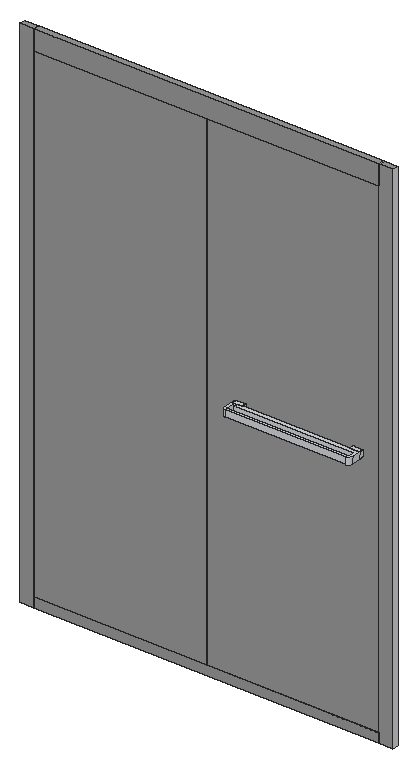
Revit family "MAMPARA ARTEMISA 1400X1950", category Generic Models, Revit 2019
Family settings
  Can host rebar = No
  Round Connector Dimension = Use Diameter
  Part Type = Normal
  Work Plane-Based = No
  Always vertical = Yes
  Cut with Voids When Loaded = No
  Shared = No
  Room Calculation Point = No
Reference planes
  plane 1 "Center (Front/Back)": y = 0
  plane 2: z = 0
  plane 3 "Center (Left/Right)": x = 0
Forms (mm)
  Extrusion 1, solid
    sketch origin (0, 0, 0) x (1, 0, 0) y (0, 0, 1)
      loop
        line (-100, 0) -> (-50, 0) -> (-50, 1950) -> (-100, 1950) -> (-100, 0)
      loop
        line (1300, 1950) -> (1250, 1950) -> (1250, 0) -> (1300, 0) -> (1300, 1950)
    from 0 to 22.969
  Extrusion 2, solid
    sketch origin (0, 0, 0) x (1, 0, 0) y (0, 0, 1)
      loop
        line (-50, 1950) -> (-50, 1876) -> (1250, 1876) -> (1250, 1950) -> (-50, 1950)
      loop
        line (-50, 0) -> (1250, 0) -> (1250, 35) -> (-50, 35) -> (-50, 0)
    from 0 to 22.969
  Extrusion 3, solid
    sketch origin (0, 0, 0) x (1, 0, 0) y (0, 0, 1)
      loop
        line (-50, 1876) -> (-50, 35) -> (600, 35) -> (600, 1876) -> (-50, 1876)
    from 2.383 to 20.088
  Extrusion 4, solid
    sketch origin (0, 0, 0) x (1, 0, 0) y (0, 0, 1)
      loop
        line (600, 1876) -> (600, 35) -> (1250, 35) -> (1250, 1876) -> (600, 1876)
    from 2.383 to 20.088
  Extrusion 5, solid
    sketch origin (-67.5, 0, 0) x (1, 0, 0) y (0, 0, 1)
      loop
        arc (77.5, 944.587) -> (78.379, 942.466) -> (80.5, 941.587) r 3
        line (80.5, 941.587) -> (114.5, 941.587)
        arc (114.5, 941.587) -> (116.621, 942.466) -> (117.5, 944.587) r 3
        line (117.5, 944.587) -> (117.5, 962.608)
        arc (117.5, 962.608) -> (116.621, 964.729) -> (114.5, 965.608) r 3
        line (114.5, 965.608) -> (80.5, 965.608)
        arc (80.5, 965.608) -> (78.379, 964.729) -> (77.5, 962.608) r 3
        line (77.5, 962.608) -> (77.5, 944.587)
      loop
        line (557.5, 944.587) -> (557.5, 962.608)
        arc (557.5, 962.608) -> (556.621, 964.729) -> (554.5, 965.608) r 3
        line (554.5, 965.608) -> (520.5, 965.608)
        arc (520.5, 965.608) -> (518.379, 964.729) -> (517.5, 962.608) r 3
        line (517.5, 962.608) -> (517.5, 944.587)
        arc (517.5, 944.587) -> (518.379, 942.466) -> (520.5, 941.587) r 3
        line (520.5, 941.587) -> (554.5, 941.587)
        arc (554.5, 941.587) -> (556.621, 942.466) -> (557.5, 944.587) r 3
    from -12.63 to 0
  Extrusion 6, solid
    sketch origin (0, 0, 0) x (1, 0, 0) y (0, 0, 1)
      loop
        arc (710, 944.587) -> (710.879, 942.466) -> (713, 941.587) r 3
        line (713, 941.587) -> (747, 941.587)
        arc (747, 941.587) -> (749.121, 942.466) -> (750, 944.587) r 3
        line (750, 944.587) -> (750, 962.608)
        arc (750, 962.608) -> (749.121, 964.729) -> (747, 965.608) r 3
        line (747, 965.608) -> (713, 965.608)
        arc (713, 965.608) -> (710.879, 964.729) -> (710, 962.608) r 3
        line (710, 962.608) -> (710, 944.587)
      loop
        line (1190, 944.587) -> (1190, 962.608)
        arc (1190, 962.608) -> (1189.121, 964.729) -> (1187, 965.608) r 3
        line (1187, 965.608) -> (1153, 965.608)
        arc (1153, 965.608) -> (1150.879, 964.729) -> (1150, 962.608) r 3
        line (1150, 962.608) -> (1150, 944.587)
        arc (1150, 944.587) -> (1150.879, 942.466) -> (1153, 941.587) r 3
        line (1153, 941.587) -> (1187, 941.587)
        arc (1187, 941.587) -> (1189.121, 942.466) -> (1190, 944.587) r 3
    from 22.969 to 38.075
  Extrusion 7, solid
    sketch origin (-67.5, 0, 0) x (1, 0, 0) y (0, 1, 0)
      loop
        line (77.5, 12.63) -> (557.5, 12.63) -> (557.5, 47.63)
        arc (557.5, 47.63) -> (553.107, 58.237) -> (542.5, 62.63) r 15
        line (542.5, 62.63) -> (92.5, 62.63)
        arc (92.5, 62.63) -> (81.893, 58.237) -> (77.5, 47.63) r 15
        line (77.5, 47.63) -> (77.5, 12.63)
      loop
        line (87.5, 22.63) -> (547.5, 22.63) -> (547.5, 47.63)
        arc (547.5, 47.63) -> (546.036, 51.166) -> (542.5, 52.63) r 5
        line (542.5, 52.63) -> (92.5, 52.63)
        arc (92.5, 52.63) -> (88.964, 51.166) -> (87.5, 47.63) r 5
        line (87.5, 47.63) -> (87.5, 22.63)
      loop
        line (777.5, -38.075) -> (777.5, -73.075)
        arc (777.5, -73.075) -> (781.893, -83.681) -> (792.5, -88.075) r 15
        line (792.5, -88.075) -> (1242.5, -88.075)
        arc (1242.5, -88.075) -> (1253.107, -83.681) -> (1257.5, -73.075) r 15
        line (1257.5, -73.075) -> (1257.5, -38.075) -> (777.5, -38.075)
      loop
        line (787.5, -48.075) -> (787.5, -73.075)
        arc (787.5, -73.075) -> (788.964, -76.61) -> (792.5, -78.075) r 5
        line (792.5, -78.075) -> (1242.5, -78.075)
        arc (1242.5, -78.075) -> (1246.036, -76.61) -> (1247.5, -73.075) r 5
        line (1247.5, -73.075) -> (1247.5, -48.075) -> (787.5, -48.075)
    from 941.587 to 965.608
Dimensions and locks
  aligned and locked: level to plane 2
